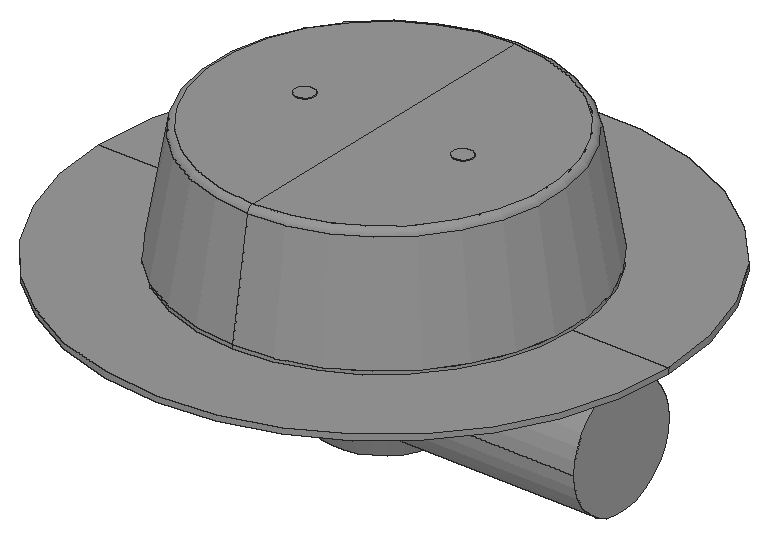
Revit family "HL_RU_Roof drain_HL64FPower-B-221103", category Instalační zařizovací předměty, Revit 2021
Family settings
  Kóta kulaté spojky = Použít průměr
  Typ dílu = Normální
  Číslo OmniClass = 23.70.50.21.24.14
  Nadpis OmniClass = Deck Waste Water Drains
  Založené na pracovní rovině = Ne
  Vždy vertikální = Ano
  Ořezat dutým tvarem při načtení = Ne
  Sdílené = Ne
  Bod výpočtu místnosti = Ano
Parameters
  РЕШЁТКА = "Laubfangkorb d 262 mm"
  РАЗМЕР = "DN75"
  ПРОПУСКНАЯ СПОСОБНОСТЬ [instance] = 0.0 L/s
  ПРАВОВАЯ ИНФОРМАЦИЯ = ""
  НОМИНАЛЬНЫЙ ДИАМЕТР = 75 mm
  МАТЕРИАЛ = "PP"
  ВЫСОТА МОНТАЖА = "93 mm"
  ВЕС = "2,646 [kg]"
  Výchozí výška = 0 mm
  Výrobce = "HL Hutterer & Lechner GmbH"  # constant formula
  URL = " "
  Материал плитка [instance] = none
  Přípoj ventilace = no
  Přípoj odpadních dílů = yes
  Přípoj HW = no
  Přípoj CW = no
  Description = " "
  Model = " "
  Assembly Code = " "
  Type Comments = "HL64FPower Safety roof drain \"Power\" DN75 with PP collar,"
  Keynote = " "
  EAN = "9003076040780"
  Bысота монтажа [instance] = 0 mm
  G [instance] = 90.00°  # constant formula
  D [instance] = 150 mm  # constant formula
  C [instance] = if(Bысота монтажа - 68 mm < 0 mm, 0 mm, Bысота монтажа - 68 mm)  # 0 mm
  B [instance] = Bысота монтажа + 55 mm  # 55 mm
  A [instance] = if(B - 100 mm > 15 mm, B - 100 mm, 15 mm)  # 15 mm
Types (2, lengths in mm): name | ПРАВОВАЯ ИНФОРМАЦИЯ | URL | Description | Model | Type Comments | Keynote
  (no name) | "" | " " | " " | " " | "HL64FPower Safety roof drain \"Power\" DN75 with PP collar," | " "
  HL_Кровельная воронка_HL64FPower | "Авторские права(©), права на дизайн или какие либо другие права интелектуальной собственности являются исключительной собственностью компании HL Hutterer & Lechner. Изменению не подлежит. Файл семейства с данными о прозводителе изделия защищен паролем с водяным знаком." | "http://www.hutterer-lechner.com/ru/products/catalog/roof-drains/HL64FPower.aspx" | "Кровельные воронки" | "HL64FPower" | "HL64FPower Воронка для водостока с отсекателем воздуха, с корпусом из ПП DN75," | "HL64FPower"
Reference planes
  plane 1 "Center (Front/Back)": y = 0
  plane 2: z = 0
  plane 3 "Center (Left/Right)": x = 0
  plane 4: z = -55
  plane 5: z = 0
Lines and regions (mm)
  model lines, style "InvisibleLines"
    curve 1: line (0, 0, 0) -> (0, 0, 20)
  model lines, style "PlumbingFixtures", detail levels coarse+medium
    curve 2: line (0, 0, -55) -> (0, 0, -40)
    curve 3: line (0, 0, -40) -> (-40, 0, 0)
    curve 4: line (0, 0, -40) -> (40, 0, 0)
    curve 6: line (0, 0, -55) -> (150, 0, -55)
  reference lines, not visible
    curve 5: line (0, 0, -55) -> (150, 0, -55)
  symbolic lines, style "PlumbingFixtures", detail levels coarse+medium
    curve 7: line (-75, 75, 0) -> (75, 75, 0)
    curve 8: line (-75, -75, 0) -> (-75, 75, 0)
    curve 9: line (75, -75, 0) -> (-75, -75, 0)
    curve 10: line (75, 75, 0) -> (75, -75, 0)
    curve 11: line (-75, 75, 0) -> (-145.711, 145.711, 0)
    curve 12: line (75, 75, 0) -> (145.711, 145.711, 0)
    curve 13: line (-75, -75, 0) -> (-145.711, -145.711, 0)
    curve 14: line (75, -75, 0) -> (145.711, -145.711, 0)
  symbolic lines, style "PlumbingFixtures", not visible, detail levels coarse+medium
    curve 15: line (-75, 75, 0) -> (75, 75, 0)
    curve 16: line (-75, -75, 0) -> (-75, 75, 0)
    curve 17: line (75, -75, 0) -> (-75, -75, 0)
    curve 18: line (75, 75, 0) -> (75, -75, 0)
    curve 19: line (-75, 75, 0) -> (-145.711, 145.711, 0)
    curve 20: line (75, 75, 0) -> (145.711, 145.711, 0)
    curve 21: line (-75, -75, 0) -> (-145.711, -145.711, 0)
    curve 22: line (75, -75, 0) -> (145.711, -145.711, 0)
Text (mm)
  text "FLOOR" at (-162.344, 0, -10.979), in view "Drain Construction View"
Dimensions and locks
  "B": plane 2 to plane 4
  "Bысота монтажа": plane 2 to plane 5
  "A": curve 4 to plane 4
  "D": curve 5 to curve 5
  "D": curve 6 to curve 6
  locked: curve 4 to plane 3 "Center (Left/Right)" (angle 45.00°)
  locked: plane 3 "Center (Left/Right)" to curve 3 (angle 45.00°)
  "G": angle curve 5 to plane 3 "Center (Left/Right)"
  aligned and locked: level to plane 2
  aligned and locked: plane 2 to curve 4
  aligned and locked: plane 2 to curve 3
  aligned and locked: plane 4 to curve 5
  aligned and locked: plane 3 "Center (Left/Right)" to curve 5
  aligned and locked: plane 4 to curve 2
  aligned and locked: plane 3 "Center (Left/Right)" to curve 6
  aligned and locked: plane 4 to curve 6
  aligned and locked: nested 1 to plane 5
  aligned and locked: plane 3 "Center (Left/Right)" to nested 1
  aligned and locked: plane 2 to nested 2
  aligned and locked: plane 3 "Center (Left/Right)" to nested 2
Automatic sketch dimensions
  curve 2 to plane 3 "Center (Left/Right)" = 0 mm
  curve 1 to plane 3 "Center (Left/Right)" = 0 mm
  curve 1 to level = 0 mm
  level to curve 1 = 20 mm
Nested families
  nested 1: "HL_кровельные воронки - корпус_HL64FPower" at (0, 0, 0), type "HL_кровельные воронки - корпус_HL64FPower"
  nested 2: "HL_Вспомогательные материалы-Противопожарная защита_HL062.1EPower" at (0, 0, 2), type "HL_Вспомогательные материалы-Противопожарная защита_HL062.1EPower"
Connectors
  piping at (150, 0, -55), diameter 75, driven by "ПРОПУСКНАЯ СПОСОБНОСТЬ", driven by "НОМИНАЛЬНЫЙ ДИАМЕТР"
    settings: on curve 5, index 1, connector inside diameter 609.6 mm, connector length 0 mm, flow factor 0, pipe flow 0.0 L/s, pressure drop 0.0 Pa, fitting loss kfactor 0, connector angle 0.00°, fixture units 0, engagement length 0 mm, angle of deflection 0.00°, flow configuration 1, flow direction 2, fitting loss method 0, system type 16, joint type 0, gender type 0, connector reference index -1, connector utility 0, adjustable connector yes, is connector primary yes, connector description ""
Definition of nested family "HL_кровельные воронки - корпус_HL64FPower"
  Parameters (values of type "HL_кровельные воронки - корпус_HL64FPower")
    НОМИНАЛЬНЫЙ ДИАМЕТР = 50 mm
    Default Elevation = 0 mm
    Manufacturer = ""
    URL = ""
    Description = ""
    Model = ""
    Type Comments = ""
    Cost = 0
  Reference planes
    plane 1 "Střed (vpředu/vzadu)": y = 0
    plane 2: z = 0
    plane 3 "Střed (vlevo/vpravo)": x = 0
  Forms (mm)
    Revolve 1, solid, detail levels fine
      sketch origin (0, 0, 0) x (1, 0, 0) y (0, 0, 1)
        loop
          line (-180, -3.5) -> (-84, -3.5) -> (-84, -35) -> (-67.011, -35) -> (-36.438, -92.5) -> (0, -92.5) -> (0, -31.5) -> (-79, -31.5) -> (-79, 0) -> (-180, 0) -> (-180, -3.5)
        axis (0, -92.5) -> (0, 0)
      angle from 0 to 360
    Revolve 2, void
      sketch origin (0, 0, 0) x (1, 0, 0) y (0, 0, 1)
        loop
          line (-79, 0) -> (-79, -6) -> (-67.032, -6) -> (-59.032, -14) -> (-59.032, -31.5) -> (0, -31.5) -> (0, 0) -> (-79, 0)
        axis (0, -31.5) -> (0, 0)
      angle from 0 to 360
    Extrusion 3, solid, detail levels fine
      sketch origin (0, 0, 0) x (0, 1, 0) y (0, 0, 1)
        loop
          circle (0, -55) r 37.5
      from 0 to 150
  Cuts and joins
    Revolve 2 cuts Revolve 1
    Revolve 2 cuts Extrusion 3
  Dimensions and locks
    aligned and locked: level to plane 2
Definition of nested family "HL_Вспомогательные материалы-Противопожарная защита_HL062.1EPower"
  Parameters (values of type "HL_Вспомогательные материалы-Противопожарная защита_HL062.1EPower")
    РЕШЁТКА = "Laubfangkorb d 262 mm"
    ПРАВОВАЯ ИНФОРМАЦИЯ = "Авторские права(©), права на дизайн или какие либо другие права интелектуальной собственности являются исключительной собственностью компании HL Hutterer & Lechner. Изменению не подлежит. Файл семейства с данными о прозводителе изделия защищен паролем с водяным знаком."
    МАТЕРИАЛ = "PP"
    ВЕС = "0,715 [kg]"
    Default Elevation = 0 mm
    Manufacturer = "HL Hutterer & Lechner GmbH"
    URL = "http://www.hutterer-lechner.com/ru/products/catalog/roof-drains/HL062.1EPower.aspx"
    Материал плитка = none
    Description = "Кровельные воронки"
    Model = "HL062.1EPower"
    Type Comments = "HL062.1EPower, Листвоуловитель"
    Keynote = "HL062.1EPower"
    Пропускная способность [instance] = 0.0 L/s
    EAN = "9003076040490"
    Cost = 0
  Values of the unnamed type that differ from the named types
    ПРАВОВАЯ ИНФОРМАЦИЯ = ""
    Manufacturer = ""
    URL = ""
    Description = ""
    Model = ""
    Type Comments = "HL062.1EPower, Leaf catcher"
    Keynote = ""
  Reference planes
    plane 1 "Střed (vpředu/vzadu)": y = 0
    plane 2: z = 0
    plane 3 "Střed (vlevo/vpravo)": x = 0
  Forms (mm)
    Revolve 1, solid, detail levels fine
      sketch origin (0, 0, 0) x (0, 1, 0) y (0, 0, 1)
        loop
          line (70.495, -8.5) -> (70.495, -2.5) -> (66.996, -2.5) -> (66.996, -8.508) -> (58.998, -16.506) -> (58.998, -38.5) -> (61.176, -38.5) -> (62.518, -33.49) -> (62.518, -26) -> (77.157, -26) -> (77.157, -22.019)
          arc (77.157, -22.019) -> (80.011, -17.502) -> (77.157, -12.985) r 5.001
          line (77.157, -12.985) -> (77.157, -8.5) -> (70.495, -8.5)
        axis (0, -2.5) -> (0, -38.5)
      angle from 0 to 360
    Revolve 2, solid, detail levels fine
      sketch origin (0, 0, 0) x (0, 1, 0) y (0, 0, 1)
        loop
          arc (107.472, 69.093) -> (105.997, 71.78) -> (103.186, 73) r 4.733
          line (103.186, 73) -> (0, 73) -> (0, 70.25) -> (98.402, 70.25) -> (109.718, 0) -> (109.718, -2) -> (119.5, -2) -> (119.5, 0) -> (107.472, 69.093)
        axis (0, 73) -> (0, -2)
      angle from 0 to 360
    Revolve 3, solid, detail levels fine
      sketch origin (0, 0, 0) x (0, 1, 0) y (0, 0, 1)
        loop
          line (99, 18.5) -> (80.936, 18.5) -> (80.936, 24.5) -> (76.436, 24.5) -> (76.436, 18.5) -> (69.236, 18.5) -> (69.236, 24.5) -> (64.737, 24.5) -> (64.737, 18.5) -> (0, 18.5) -> (0, 13.5) -> (85.938, 13.5) -> (99, 17.04) -> (99, 18.5)
        axis (0, 24.5) -> (0, 13.5)
      angle from 0 to 360
    Extrusion 4, solid, detail levels fine
      sketch origin (0, 0, 18.5) x (0, 1, 0) y (-1, 0, 0)
        loop
          circle (0, 49.989) r 5.75
      from -40 to 38
    Extrusion 5, solid, detail levels fine
      sketch origin (0, 0, 56.5) x (0, 1, 0) y (-1, 0, 0)
        loop
          circle (0, 49.998) r 6.003
      from 0 to 16.5
    Extrusion 6, solid, detail levels fine
      sketch origin (0, 0, 18.5) x (0, 1, 0) y (-1, 0, 0)
        loop
          circle (0, -49.989) r 5.75
      from -40 to 38
    Extrusion 7, solid, detail levels fine
      sketch origin (0, 0, 56.5) x (0, 1, 0) y (-1, 0, 0)
        loop
          circle (0, -49.998) r 6.003
      from 0 to 16.5
    Extrusion 8, solid, detail levels fine
      sketch origin (0, 0, 18.5) x (0, 1, 0) y (-1, 0, 0)
        loop
          circle (62.504, 62.501) r 2.997
      from 0 to 44.5
    Extrusion 9, solid, detail levels fine
      sketch origin (0, -125, 18.5) x (0, 1, 0) y (-1, 0, 0)
        loop
          circle (62.504, 62.501) r 2.997
      from 0 to 44.5
    Extrusion 10, solid, detail levels fine
      sketch origin (125, -125, 18.5) x (0, 1, 0) y (-1, 0, 0)
        loop
          circle (62.504, 62.501) r 2.997
      from 0 to 44.5
    Extrusion 11, solid, detail levels fine
      sketch origin (125, 0, 18.5) x (0, 1, 0) y (-1, 0, 0)
        loop
          circle (62.504, 62.501) r 2.997
      from 0 to 44.5
    Extrusion 12, solid, detail levels fine
      sketch origin (0, 0, 0) x (0, 1, 0) y (0, 0, 1)
        loop
          line (77.009, 13.5) -> (39, 13.5) -> (47.949, -2) -> (77.009, -2) -> (77.009, 13.5)
        loop
          line (-77.009, 13.5) -> (-77.009, -2) -> (-47.949, -2) -> (-39, 13.5) -> (-77.009, 13.5)
      from -2.8 to 2.8
    Extrusion 13, solid, detail levels fine
      sketch origin (0, 0, 0) x (1, 0, 0) y (0, 0, 1)
        loop
          line (-77.026, -2) -> (-55.066, -2) -> (-55.066, 13.5) -> (-77.026, 13.5) -> (-77.026, -2)
        loop
          line (77.026, -2) -> (77.026, 13.5) -> (55.066, 13.5) -> (55.066, -2) -> (77.026, -2)
      from -2.8 to 2.8
  Dimensions and locks
    aligned and locked: level to plane 2
